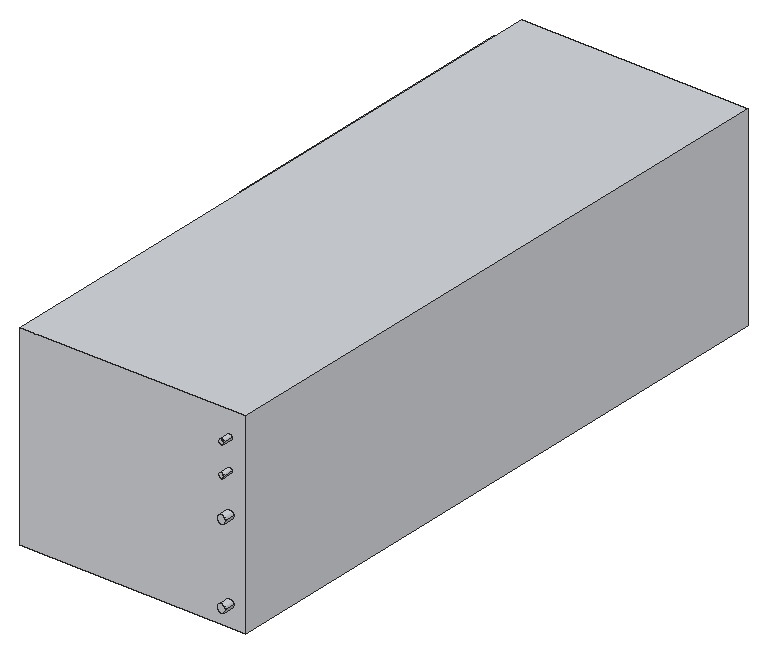
Revit family "M_WSHP - Horizontal - High Efficiency - 7-18 kW - Left Return - Back Discharge", category Mechanical Equipment, Revit 2023
Family settings
  Round Connector Dimension = Use Radius
  Part Type = Normal
  Work Plane-Based = No
  Always vertical = Yes
  Cut with Voids When Loaded = No
  Maintain Annotation Orientation = No
  Shared = No
  Room Calculation Point = No
Parameters (values of type "7 kW")
  Water Supply Radius = 10 mm
  Water Supply Diameter = Water Supply Radius * 2  # 20 mm
  Water Return Radius = 10 mm
  Water Return Diameter = Water Return Radius * 2  # 20 mm
  Water Pressure Drop [instance] = 24131.6 Pa
  Water Flow [instance] = 0.5 L/s
  Voltage = 208 V
  Supply Air Width = 400 mm
  Supply Air Height = 325 mm
  Return Air Height = 450 mm
  Return Air Width = 800 mm
  Pump Width = 1579.9 mm
  Pump Material = none
  Pump Length = 568.9 mm
  Pump Height = 490.2 mm
  Number of Poles = 3
  Model = ""
  Manufacturer = ""
  Hot Water Supply Radius = 6 mm
  Hot Water Supply Diameter = Hot Water Supply Radius * 2  # 12 mm
  Hot Water Return Radius = 6 mm
  Hot Water Return Diameter = Hot Water Return Radius * 2  # 12 mm
  Hot Water Flow [instance] = 0.32 L/s
  Default Elevation = 0 mm
  Condensate Radius = 10 mm
  Drain Flow [instance] = 0.0 L/s
  Condensate Diameter = Condensate Radius * 2  # 20 mm
  C6 Offset 1 = 55.9 mm
  C5 Offset 2 = 91.5 mm
  C5 Offset 1 = 50.8 mm
  C4 Offset 1 = 353 mm
  C3 Offset 1 = 429.2 mm
  C2 Offset 1 = 254 mm
  C1 Offset 1 = 53.4 mm
  Apparent Load = 3952 VA
  External Static Pressure [instance] = 149.3 Pa
  Air Flow [instance] = 377.56 L/s
Types (3, lengths in mm): name | Water Supply Radius | Water Supply Diameter | Water Return Radius | Water Return Diameter | Water Pressure Drop | Water Flow | Supply Air Width | Supply Air Height | Return Air Height | Return Air Width | Pump Width | Pump Length | Pump Height | Model | Manufacturer | Hot Water Flow | C5 Offset 2 | C5 Offset 1 | C4 Offset 1 | C3 Offset 1 | C2 Offset 1 | C1 Offset 1 | Apparent Load | External Static Pressure | Air Flow
  7 kW | 10 | 20 | 10 | 20 | 24131.6 Pa | 0.5 L/s | 400 | 325 | 450 | 800 | 1579.9 | 568.9 | 490.2 | "" | "" | 0.32 L/s | 91.5 | 50.8 | 353 | 429.2 | 254 | 53.4 | 3952 VA | 149.3 Pa | 377.56 L/s
  11 kW | 10 | 20 | 10 | 20 | 31026.4 Pa | 0.57 L/s | 450 | 475 | 500 | 900 | 1808.5 | 645.1 | 541 | "" | "" | 0.5 L/s | 78.8 | 25.4 | 370.9 | 480 | 274.3 | 151.4 | 5283 VA | 149.3 Pa | 566.34 L/s
  14 kW | 15 | 30 | 15 | 30 | 24821.1 Pa | 0.76 L/s | 450 | 475 | 500 | 1050 | 1935.5 | 645.1 | 541 | "34A14" | "ACME" | 0.63 L/s | 78.8 | 25.4 | 396.3 | 480 | 274.3 | 151.4 | 6780 VA | 199.07 Pa | 755.12 L/s
Reference planes
  plane 1 "Center (Front/Back)": y = 0
  plane 2: z = 0
  plane 3 "Center (Left/Right)": x = 0
  plane 4: y = 1579.9
  plane 5: x = 568.9
  plane 6: z = 490.2
  plane 7: y = 1524
  plane 8: y = 724
  plane 9: z = 245.1
  plane 10: z = 470.1
  plane 11: z = 20.1
  plane 12: x = -25.4
  plane 13: x = 491.5
  plane 14: x = 91.5
  plane 15: z = 50.8
  plane 16: z = 375.8
  plane 17: y = 1605.3
  plane 18: z = 86.36
  plane 19: z = 86.36
  plane 20: x = 511.75
  plane 21: z = 363.2
  plane 22: x = 40.64
  plane 23: x = 528.26
  plane 24: z = 53.4
  plane 25: z = 254
  plane 26: z = 353
  plane 27: z = 429.2
  plane 28: y = -25.4
Forms (mm)
  Extrusion 1, solid, material <- "Pump Material"
    sketch origin (0, 0, 0) x (1, 0, 0) y (0, 1, 0)
      loop
        line (0, 0) -> (568.9, 0) -> (568.9, 1579.9) -> (0, 1579.9) -> (0, 0)
    from 0 to 490.2
  Extrusion 2, solid, material <- "Pump Material"
    sketch origin (0, 0, 0) x (0, 1, 0) y (0, 0, 1)
      loop
        line (1524, 20.1) -> (1524, 470.1) -> (724, 470.1) -> (724, 20.1) -> (1524, 20.1)
    from -25.4 to 0
  Extrusion 3, solid, material <- "Pump Material"
    sketch origin (0, 0, 0) x (1, 0, 0) y (0, 0, 1)
      loop
        line (491.5, 375.8) -> (91.5, 375.8) -> (91.5, 50.8) -> (491.5, 50.8) -> (491.5, 375.8)
    from -1605.3 to -1579.9
  Extrusion 4, solid, material <- "Pump Material"
    sketch origin (0, 0, 0) x (1, 0, 0) y (0, 0, 1)
      loop
        circle (511.75, 86.36) r 10
    from -1605.3 to -1579.9
  Extrusion 5, solid, material <- "Pump Material"
    sketch origin (0, 0, 0) x (1, 0, 0) y (0, 0, 1)
      loop
        circle (40.64, 363.2) r 25.4
    from -62.547 to 0
  Extrusion 6, solid, material <- "Pump Material"
    sketch origin (0, 0, 0) x (1, 0, 0) y (0, 0, 1)
      loop
        circle (528.26, 53.4) r 10
    from 0 to 25.4
  Extrusion 7, solid, material <- "Pump Material"
    sketch origin (0, 0, 0) x (1, 0, 0) y (0, 0, 1)
      loop
        circle (528.26, 254) r 10
    from 0 to 25.4
  Extrusion 8, solid, material <- "Pump Material"
    sketch origin (0, 0, 0) x (1, 0, 0) y (0, 0, 1)
      loop
        circle (528.26, 353) r 6
    from 0 to 25.4
  Extrusion 9, solid, material <- "Pump Material"
    sketch origin (0, 0, 0) x (1, 0, 0) y (0, 0, 1)
      loop
        circle (528.26, 429.2) r 6
    from 0 to 25.4
Cuts and joins
  joined: Extrusion 1, Extrusion 2, Extrusion 3, Extrusion 4, Extrusion 5, Extrusion 6, Extrusion 7, Extrusion 8, Extrusion 9
Dimensions and locks
  "Pump Width": plane 4 to plane 1 "Center (Front/Back)"
  "Pump Length": plane 3 "Center (Left/Right)" to plane 5
  "Pump Height": plane 6 to level
  "C6 Offset 1": plane 4 to plane 7
  "Return Air Width": plane 7 to plane 8
  equal spacing: plane 11, plane 9, plane 10
  "Return Air Height": plane 11 to plane 10
  locked: plane 12 to Extrusion 1 at 25.4
  "C5 Offset 1": level to plane 15
  "Supply Air Height": plane 15 to plane 16
  "C5 Offset 2": plane 3 "Center (Left/Right)" to plane 14
  "Supply Air Width": plane 14 to plane 13
  locked: plane 17 to plane 4 at 25.4
  locked: plane 2 to plane 19 at 86.36
  locked: plane 5 to plane 20 at 57.15
  locked: plane 22 to plane 3 "Center (Left/Right)" at 40.64
  locked: plane 6 to plane 21 at 127
  locked: plane 23 to plane 5 at 40.64
  "C1 Offset 1": plane 24 to plane 2
  "C2 Offset 1": plane 25 to level
  "C4 Offset 1": plane 26 to level
  "C3 Offset 1": plane 27 to level
  locked: plane 28 to plane 1 "Center (Front/Back)" at 25.4
  equal spacing: plane 6, plane 9, level
  "Condensate Radius": radius of Extrusion 4 sketch curve
  radius of Extrusion 5 sketch curve = 25.4 mm
  "Water Supply Radius": radius of Extrusion 6 sketch curve
  "Water Return Radius": radius of Extrusion 7 sketch curve
  "Hot Water Return Radius": radius of Extrusion 8 sketch curve
  "Hot Water Supply Radius": radius of Extrusion 9 sketch curve
  aligned and locked: plane 3 "Center (Left/Right)" to Extrusion 1 sketch curve
  aligned and locked: plane 1 "Center (Front/Back)" to Extrusion 1 sketch curve
  aligned and locked: plane 4 to Extrusion 1 sketch curve
  aligned and locked: plane 5 to Extrusion 1 sketch curve
  aligned and locked: plane 6 to Extrusion 1
  aligned and locked: plane 7 to Extrusion 2 sketch curve
  aligned and locked: Extrusion 2 sketch curve to plane 11
  aligned and locked: plane 10 to Extrusion 2 sketch curve
  aligned and locked: Extrusion 2 sketch curve to plane 8
  aligned and locked: Extrusion 2 to plane 12
  aligned and locked: plane 3 "Center (Left/Right)" to Extrusion 2
  aligned and locked: Extrusion 1 to level
  aligned and locked: plane 13 to Extrusion 3 sketch curve
  aligned and locked: plane 16 to Extrusion 3 sketch curve
  aligned and locked: plane 15 to Extrusion 3 sketch curve
  aligned and locked: plane 14 to Extrusion 3 sketch curve
  aligned and locked: plane 17 to Extrusion 3
  aligned and locked: Extrusion 3 to plane 4
  aligned and locked: Extrusion 4 to Extrusion 3
  aligned and locked: Extrusion 4 to plane 4
  aligned and locked: plane 19 to Extrusion 4 sketch curve
  aligned and locked: plane 20 to Extrusion 4 sketch curve
  aligned and locked: plane 21 to Extrusion 5 sketch curve
  aligned and locked: plane 22 to Extrusion 5 sketch curve
  aligned and locked: plane 24 to Extrusion 6 sketch curve
  aligned and locked: plane 23 to Extrusion 6 sketch curve
  aligned and locked: plane 23 to Extrusion 7 sketch curve
  aligned and locked: plane 25 to Extrusion 7 sketch curve
  aligned and locked: plane 23 to Extrusion 8 sketch curve
  aligned and locked: plane 26 to Extrusion 8 sketch curve
  aligned and locked: plane 23 to Extrusion 9 sketch curve
  aligned and locked: plane 27 to Extrusion 9 sketch curve
  aligned and locked: Extrusion 9 to plane 28
  aligned and locked: Extrusion 8 to Extrusion 9
  aligned and locked: Extrusion 7 to Extrusion 8
  aligned and locked: Extrusion 6 to Extrusion 7  (x2)
  aligned and locked: Extrusion 6 to plane 1 "Center (Front/Back)"
  aligned and locked: Extrusion 6 to Extrusion 1
  aligned and locked: Extrusion 9 to plane 1 "Center (Front/Back)"
Connectors
  piping at (528.26, -25.4, 53.4), diameter 20, driven by "Water Supply Radius", driven by "Water Flow"
    settings: on Extrusion 6, index 1, connector inside diameter 20 mm, connector length 0 mm, flow factor 0, pipe flow 0.5 L/s, pressure drop 0.0 Pa, fitting loss kfactor 0, connector angle 0.00°, fixture units 0, engagement length 0 mm, angle of deflection 0.00°, flow configuration 1, flow direction 1, fitting loss method 0, system type 7, joint type 0, gender type 0, connector reference index 2, connector utility 0, adjustable connector no, is connector primary yes, connector description "Water Supply In"
  piping at (528.26, -25.4, 254), diameter 20, driven by "Water Return Radius", driven by "Water Flow", driven by "Water Pressure Drop"
    settings: on Extrusion 7, index 2, connector inside diameter 20 mm, connector length 0 mm, flow factor 0, pipe flow 0.5 L/s, pressure drop 24131.6 Pa, fitting loss kfactor 0, connector angle 0.00°, fixture units 0, engagement length 0 mm, angle of deflection 0.00°, flow configuration 1, flow direction 2, fitting loss method 4, system type 8, joint type 0, gender type 0, connector reference index 1, connector utility 0, adjustable connector no, is connector primary no, connector description "Water Return Out"
  piping at (528.26, -25.4, 429.2), diameter 12, driven by "Hot Water Flow", driven by "Hot Water Supply Radius"
    settings: on Extrusion 9, index 3, connector inside diameter 12 mm, connector length 0 mm, flow factor 0, pipe flow 0.32 L/s, pressure drop 0.0 Pa, fitting loss kfactor 0, connector angle 0.00°, fixture units 0, engagement length 0 mm, angle of deflection 0.00°, flow configuration 0, flow direction 2, fitting loss method 0, system type 7, joint type 0, gender type 0, connector reference index 4, connector utility 0, adjustable connector no, is connector primary no, connector description "Hot Water Supply Out"
  piping at (528.26, -25.4, 353), diameter 12, driven by "Hot Water Return Radius", driven by "Hot Water Flow"
    settings: on Extrusion 8, index 4, connector inside diameter 12 mm, connector length 0 mm, flow factor 0, pipe flow 0.32 L/s, pressure drop 0.0 Pa, fitting loss kfactor 0, connector angle 0.00°, fixture units 0, engagement length 0 mm, angle of deflection 0.00°, flow configuration 0, flow direction 1, fitting loss method 0, system type 8, joint type 0, gender type 0, connector reference index 3, connector utility 0, adjustable connector no, is connector primary no, connector description "Hot Water Return In"
  hvac at (291.5, 1605.3, 213.3), driven by "Air Flow", driven by "Supply Air Width", driven by "Supply Air Height"
    settings: on Extrusion 3, index 5, duct flow 377.56 L/s, flow factor 0, pres drop 0.0 Pa, loss coef 0, conn angle 0.00°, conn width 400 mm, conn height 325 mm, conn diameter 609.6 mm, duct sys type 1, conn prof type 1, flow config 0, flow direction 2, loss method 0, conn ref index 6, conn util no, is conn primary yes, conn desc ""
  hvac at (-25.4, 1124, 245.1), driven by "Air Flow", driven by "Return Air Height", driven by "Return Air Width"
    settings: on Extrusion 2, index 6, duct flow 377.56 L/s, flow factor 0, pres drop 0.0 Pa, loss coef 0, conn angle 0.00°, conn width 800 mm, conn height 450 mm, conn diameter 609.6 mm, duct sys type 2, conn prof type 1, flow config 0, flow direction 1, loss method 0, conn ref index 5, conn util no, is conn primary no, conn desc ""
  piping at (511.75, 1605.3, 86.36), diameter 20, driven by "Drain Flow", driven by "Condensate Radius"
    settings: on Extrusion 4, index 7, connector inside diameter 20 mm, connector length 0 mm, flow factor 0, pipe flow 0.0 L/s, pressure drop 0.0 Pa, fitting loss kfactor 0, connector angle 0.00°, fixture units 0, engagement length 0 mm, angle of deflection 0.00°, flow configuration 1, flow direction 2, fitting loss method 0, system type 16, joint type 0, gender type 0, connector reference index -1, connector utility 0, adjustable connector yes, is connector primary no, connector description "Condensate Out"
  electrical at (40.64, 0, 363.2), driven by "Apparent Load", driven by "Voltage", driven by "Number of Poles"
    settings: on Extrusion 5, index 8, voltage 208 V, apparent load 3952 VA, apparent load phase1 0 VA, apparent load phase2 0 VA, apparent load phase3 0 VA, power factor 0.8, load classification "HVAC", number of poles 3, system type 30, power factor state 1, is connector primary yes, connector utility no, sub classification motor no, connector description ""
